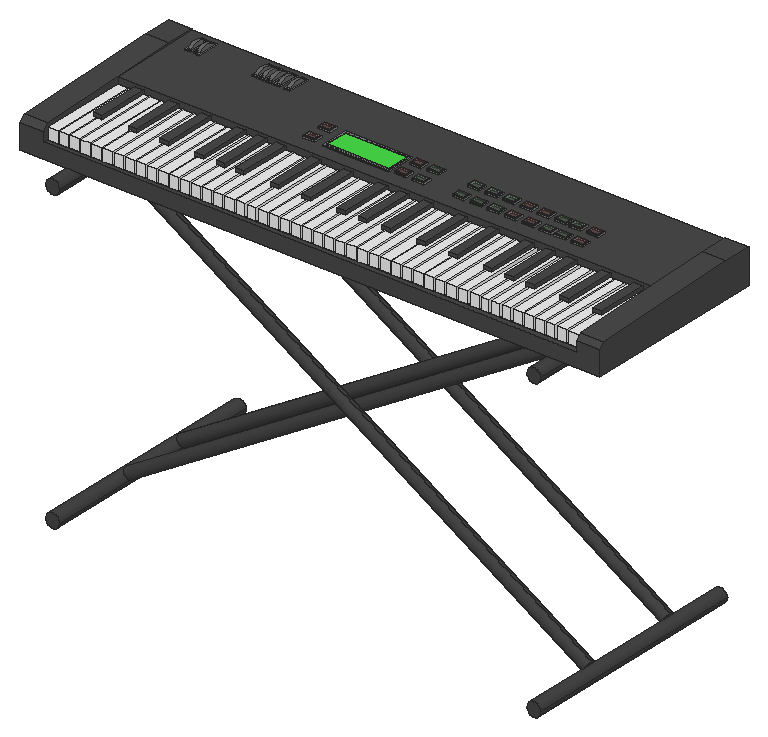
Revit family "Piano_Electric_SMARTBIM", category Furniture, Revit 2020 (continued)
Automatic sketch dimensions
  Extrusion 15 sketch curve to plane 8 = 0' - 8.60785"
  Extrusion 15 sketch curve to Extrusion 15 sketch curve = 0' - 0.80476"
  Extrusion 16 sketch curve to plane 10 = 0' - 0"
  plane 11 to Extrusion 16 sketch curve = 0' - 0.46971"
  Extrusion 16 sketch curve to plane 8 = 0' - 9.56428"
  Extrusion 16 sketch curve to Extrusion 16 sketch curve = 0' - 0.85632"
  Extrusion 17 sketch curve to plane 10 = 0' - 0"
  plane 11 to Extrusion 17 sketch curve = 0' - 0.46971"
  Extrusion 17 sketch curve to plane 8 = 0' - 10.52071"
  Extrusion 17 sketch curve to Extrusion 17 sketch curve = 0' - 0.79723"
  Extrusion 18 sketch curve to plane 10 = 0' - 0"
  plane 11 to Extrusion 18 sketch curve = 0' - 0.46971"
  Extrusion 18 sketch curve to plane 8 = 0' - 11.47714"
  Extrusion 18 sketch curve to Extrusion 18 sketch curve = 0' - 0.79962"
  Extrusion 19 sketch curve to plane 10 = 0' - 0"
  plane 11 to Extrusion 19 sketch curve = 0' - 0.46971"
  Extrusion 19 sketch curve to plane 2 "Center (Left/Right)" = 0' - 10.56643"
  Extrusion 19 sketch curve to Extrusion 19 sketch curve = 0' - 0.7897"
  Extrusion 20 sketch curve to plane 10 = 0' - 0"
  plane 11 to Extrusion 20 sketch curve = 0' - 0.46971"
  Extrusion 20 sketch curve to plane 2 "Center (Left/Right)" = 0' - 9.61001"
  Extrusion 20 sketch curve to Extrusion 20 sketch curve = 0' - 0.71833"
  Extrusion 21 sketch curve to plane 10 = 0' - 0"
  plane 11 to Extrusion 21 sketch curve = 0' - 0.46971"
  Extrusion 21 sketch curve to plane 2 "Center (Left/Right)" = 0' - 8.65358"
  Extrusion 21 sketch curve to Extrusion 21 sketch curve = 0' - 0.78217"
  Extrusion 22 sketch curve to plane 10 = 0' - 0"
  plane 11 to Extrusion 22 sketch curve = 0' - 0.46971"
  Extrusion 22 sketch curve to plane 2 "Center (Left/Right)" = 0' - 7.69715"
  Extrusion 22 sketch curve to Extrusion 22 sketch curve = 0' - 0.79685"
  Extrusion 23 sketch curve to plane 10 = 0' - 0"
  plane 11 to Extrusion 23 sketch curve = 0' - 0.46971"
  Extrusion 23 sketch curve to plane 2 "Center (Left/Right)" = 0' - 6.74072"
  Extrusion 23 sketch curve to Extrusion 23 sketch curve = 0' - 0.76235"
  Extrusion 24 sketch curve to plane 10 = 0' - 0"
  plane 11 to Extrusion 24 sketch curve = 0' - 0.46971"
  Extrusion 24 sketch curve to plane 2 "Center (Left/Right)" = 0' - 5.78429"
  Extrusion 24 sketch curve to Extrusion 24 sketch curve = 0' - 0.74015"
  Extrusion 25 sketch curve to plane 10 = 0' - 0"
  plane 11 to Extrusion 25 sketch curve = 0' - 0.46971"
  Extrusion 25 sketch curve to plane 2 "Center (Left/Right)" = 0' - 4.82787"
  Extrusion 25 sketch curve to Extrusion 25 sketch curve = 0' - 0.7794"
  Extrusion 26 sketch curve to plane 10 = 0' - 0"
  plane 11 to Extrusion 26 sketch curve = 0' - 0.46971"
  Extrusion 26 sketch curve to plane 2 "Center (Left/Right)" = 0' - 3.87144"
  Extrusion 26 sketch curve to Extrusion 26 sketch curve = 0' - 0.81866"
  Extrusion 27 sketch curve to plane 10 = 0' - 0"
  plane 11 to Extrusion 27 sketch curve = 0' - 0.46971"
  Extrusion 27 sketch curve to plane 2 "Center (Left/Right)" = 0' - 2.91501"
  Extrusion 27 sketch curve to Extrusion 27 sketch curve = 0' - 0.74729"
  Extrusion 28 sketch curve to plane 10 = 0' - 0"
  plane 11 to Extrusion 28 sketch curve = 0' - 0.46971"
  Extrusion 28 sketch curve to plane 2 "Center (Left/Right)" = 0' - 1.95858"
  Extrusion 28 sketch curve to Extrusion 28 sketch curve = 0' - 0.76196"
  Extrusion 29 sketch curve to plane 10 = 0' - 0"
  plane 11 to Extrusion 29 sketch curve = 0' - 0.46971"
  Extrusion 29 sketch curve to plane 2 "Center (Left/Right)" = 0' - 1.00215"
  Extrusion 29 sketch curve to plane 2 "Center (Left/Right)" = 0' - 0.2501"
  Extrusion 30 sketch curve to plane 10 = 0' - 0"
  Extrusion 30 sketch curve to plane 2 "Center (Left/Right)" = 0' - 0.04573"
  plane 2 "Center (Left/Right)" to Extrusion 30 sketch curve = 0' - 0.721"
  plane 11 to Extrusion 30 sketch curve = 0' - 0.46971"
  Extrusion 31 sketch curve to plane 10 = 0' - 0"
  plane 2 "Center (Left/Right)" to Extrusion 31 sketch curve = 0' - 0.9107"
  plane 11 to Extrusion 31 sketch curve = 0' - 0.46971"
  Extrusion 31 sketch curve to Extrusion 31 sketch curve = 0' - 0.76911"
  Extrusion 32 sketch curve to plane 10 = 0' - 0"
  plane 11 to Extrusion 32 sketch curve = 0' - 0.46971"
  plane 2 "Center (Left/Right)" to Extrusion 32 sketch curve = 0' - 1.86713"
  Extrusion 32 sketch curve to Extrusion 32 sketch curve = 0' - 0.7469"
  Extrusion 33 sketch curve to plane 10 = 0' - 0"
  plane 11 to Extrusion 33 sketch curve = 0' - 0.46971"
  plane 2 "Center (Left/Right)" to Extrusion 33 sketch curve = 0' - 2.82356"
  Extrusion 33 sketch curve to Extrusion 33 sketch curve = 0' - 0.78616"
  Extrusion 34 sketch curve to plane 10 = 0' - 0"
  plane 11 to Extrusion 34 sketch curve = 0' - 0.46971"
  plane 2 "Center (Left/Right)" to Extrusion 34 sketch curve = 0' - 3.77999"
  Extrusion 34 sketch curve to Extrusion 34 sketch curve = 0' - 0.78854"
  Extrusion 35 sketch curve to plane 10 = 0' - 0"
  plane 11 to Extrusion 35 sketch curve = 0' - 0.46971"
  plane 2 "Center (Left/Right)" to Extrusion 35 sketch curve = 0' - 4.73641"
  Extrusion 35 sketch curve to Extrusion 35 sketch curve = 0' - 0.77863"
  Extrusion 36 sketch curve to plane 10 = 0' - 0"
  plane 11 to Extrusion 36 sketch curve = 0' - 0.46971"
  plane 2 "Center (Left/Right)" to Extrusion 36 sketch curve = 0' - 5.69284"
  Extrusion 36 sketch curve to Extrusion 36 sketch curve = 0' - 0.86706"
  Extrusion 37 sketch curve to plane 10 = 0' - 0"
  plane 11 to Extrusion 37 sketch curve = 0' - 0.46971"
  plane 2 "Center (Left/Right)" to Extrusion 37 sketch curve = 0' - 6.64927"
  Extrusion 37 sketch curve to Extrusion 37 sketch curve = 0' - 0.79568"
  Extrusion 38 sketch curve to plane 10 = 0' - 0"
  plane 11 to Extrusion 38 sketch curve = 0' - 0.46971"
  plane 2 "Center (Left/Right)" to Extrusion 38 sketch curve = 0' - 7.6057"
  Extrusion 38 sketch curve to Extrusion 38 sketch curve = 0' - 0.77348"
  Extrusion 39 sketch curve to plane 10 = 0' - 0"
  plane 11 to Extrusion 39 sketch curve = 0' - 0.46971"
  plane 2 "Center (Left/Right)" to Extrusion 39 sketch curve = 0' - 8.56213"
  Extrusion 39 sketch curve to Extrusion 39 sketch curve = 0' - 0.83732"
  Extrusion 40 sketch curve to plane 10 = 0' - 0"
  plane 11 to Extrusion 40 sketch curve = 0' - 0.46971"
  plane 2 "Center (Left/Right)" to Extrusion 40 sketch curve = 0' - 9.51856"
  Extrusion 40 sketch curve to Extrusion 40 sketch curve = 0' - 0.75366"
  Extrusion 41 sketch curve to plane 10 = 0' - 0"
  plane 11 to Extrusion 41 sketch curve = 0' - 0.46971"
  plane 2 "Center (Left/Right)" to Extrusion 41 sketch curve = 0' - 10.47498"
  Extrusion 41 sketch curve to Extrusion 41 sketch curve = 0' - 0.74375"
  Extrusion 42 sketch curve to plane 10 = 0' - 0"
  plane 11 to Extrusion 42 sketch curve = 0' - 0.46971"
  plane 2 "Center (Left/Right)" to Extrusion 42 sketch curve = 0' - 11.43141"
  Extrusion 42 sketch curve to Extrusion 42 sketch curve = 0' - 0.86905"
  Extrusion 43 sketch curve to plane 10 = 0' - 0"
  plane 11 to Extrusion 43 sketch curve = 0' - 0.46971"
  Extrusion 43 sketch curve to plane 9 = 0' - 10.53974"
  Extrusion 43 sketch curve to Extrusion 43 sketch curve = 0' - 0.72525"
  Extrusion 44 sketch curve to plane 10 = 0' - 0"
  plane 11 to Extrusion 44 sketch curve = 0' - 0.46971"
  Extrusion 44 sketch curve to plane 9 = 0' - 9.49288"
  Extrusion 44 sketch curve to Extrusion 44 sketch curve = 0' - 0.73054"
  Extrusion 45 sketch curve to plane 10 = 0' - 0"
  plane 11 to Extrusion 45 sketch curve = 0' - 0.46971"
  Extrusion 45 sketch curve to plane 9 = 0' - 8.53645"
  Extrusion 45 sketch curve to Extrusion 45 sketch curve = 0' - 0.60786"
  Extrusion 46 sketch curve to plane 10 = 0' - 0"
  plane 11 to Extrusion 46 sketch curve = 0' - 0.46971"
  Extrusion 46 sketch curve to plane 9 = 0' - 7.69343"
  Extrusion 46 sketch curve to Extrusion 46 sketch curve = 0' - 0.70963"
  Extrusion 47 sketch curve to plane 10 = 0' - 0"
  plane 11 to Extrusion 47 sketch curve = 0' - 0.46971"
  Extrusion 47 sketch curve to plane 9 = 0' - 6.78645"
  Extrusion 47 sketch curve to Extrusion 47 sketch curve = 0' - 0.69323"
  Extrusion 48 sketch curve to plane 10 = 0' - 0"
  plane 11 to Extrusion 48 sketch curve = 0' - 0.46971"
  Extrusion 48 sketch curve to plane 9 = 0' - 5.83002"
  Extrusion 48 sketch curve to Extrusion 48 sketch curve = 0' - 0.76875"
  Extrusion 49 sketch curve to plane 10 = 0' - 0"
  plane 11 to Extrusion 49 sketch curve = 0' - 0.46971"
  Extrusion 49 sketch curve to plane 9 = 0' - 4.87359"
  Extrusion 49 sketch curve to Extrusion 49 sketch curve = 0' - 0.78772"
  Extrusion 50 sketch curve to plane 10 = 0' - 0"
  plane 11 to Extrusion 50 sketch curve = 0' - 0.46971"
  Extrusion 50 sketch curve to plane 9 = 0' - 3.91716"
  Extrusion 50 sketch curve to Extrusion 50 sketch curve = 0' - 0.79256"
  Extrusion 51 sketch curve to plane 10 = 0' - 0"
  plane 11 to Extrusion 51 sketch curve = 0' - 0.46971"
  Extrusion 51 sketch curve to plane 9 = 0' - 2.96074"
  Extrusion 51 sketch curve to Extrusion 51 sketch curve = 0' - 0.72672"
  Extrusion 52 sketch curve to plane 10 = 0' - 0"
  plane 11 to Extrusion 52 sketch curve = 0' - 0.46971"
  Extrusion 52 sketch curve to plane 9 = 0' - 2.00431"
  Extrusion 52 sketch curve to Extrusion 52 sketch curve = 0' - 0.75983"
  Extrusion 53 sketch curve to plane 10 = 0' - 0"
  plane 11 to Extrusion 53 sketch curve = 0' - 0.46971"
  Extrusion 53 sketch curve to plane 9 = 0' - 1.04788"
  Extrusion 53 sketch curve to plane 9 = 0' - 0.18425"
  Extrusion 54 sketch curve to plane 10 = 0' - 0"
  Extrusion 54 sketch curve to plane 8 = 0' - 1.51893"
  Extrusion 54 sketch curve to Extrusion 54 sketch curve = 0' - 0 3/4"
  plane 11 to Extrusion 54 sketch curve = 0' - 3 1/2"
  Extrusion 55 sketch curve to plane 10 = 0' - 0"
  Extrusion 55 sketch curve to plane 8 = 0' - 4.51893"
  Extrusion 55 sketch curve to Extrusion 55 sketch curve = 0' - 0 3/4"
  plane 11 to Extrusion 55 sketch curve = 0' - 3 1/2"
  Extrusion 56 sketch curve to plane 10 = 0' - 0"
  plane 11 to Extrusion 56 sketch curve = 0' - 3 1/2"
  Extrusion 56 sketch curve to plane 8 = 0' - 7.26893"
  Extrusion 56 sketch curve to Extrusion 56 sketch curve = 0' - 0 3/4"
  Extrusion 57 sketch curve to plane 10 = 0' - 0"
  plane 11 to Extrusion 57 sketch curve = 0' - 3 1/2"
  Extrusion 57 sketch curve to plane 8 = 0' - 10.26893"
  Extrusion 57 sketch curve to Extrusion 57 sketch curve = 0' - 0 3/4"
  Extrusion 58 sketch curve to plane 10 = 0' - 0"
  plane 11 to Extrusion 58 sketch curve = 0' - 3 1/2"
  Extrusion 58 sketch curve to plane 2 "Center (Left/Right)" = 0' - 10.88697"
  Extrusion 58 sketch curve to Extrusion 58 sketch curve = 0' - 0 3/4"
  Extrusion 59 sketch curve to plane 10 = 0' - 0"
  plane 11 to Extrusion 59 sketch curve = 0' - 3 1/2"
  Extrusion 59 sketch curve to plane 2 "Center (Left/Right)" = 0' - 9.23107"
  Extrusion 59 sketch curve to Extrusion 59 sketch curve = 0' - 0 3/4"
  Extrusion 60 sketch curve to plane 10 = 0' - 0"
  Extrusion 60 sketch curve to plane 2 "Center (Left/Right)" = 0' - 6.23107"
  Extrusion 60 sketch curve to Extrusion 60 sketch curve = 0' - 0 3/4"
  plane 11 to Extrusion 60 sketch curve = 0' - 3 1/2"
  Extrusion 61 sketch curve to plane 10 = 0' - 0"
  Extrusion 61 sketch curve to plane 2 "Center (Left/Right)" = 0' - 3.48107"
  Extrusion 61 sketch curve to Extrusion 61 sketch curve = 0' - 0 3/4"
  plane 11 to Extrusion 61 sketch curve = 0' - 3 1/2"
  Extrusion 62 sketch curve to plane 10 = 0' - 0"
  Extrusion 62 sketch curve to plane 2 "Center (Left/Right)" = 0' - 0.48107"
  plane 2 "Center (Left/Right)" to Extrusion 62 sketch curve = 0' - 0.26893"
  plane 11 to Extrusion 62 sketch curve = 0' - 3 1/2"
  Extrusion 63 sketch curve to plane 10 = 0' - 0"
  plane 2 "Center (Left/Right)" to Extrusion 63 sketch curve = 0' - 1.36303"
  Extrusion 63 sketch curve to Extrusion 63 sketch curve = 0' - 0 3/4"
  plane 11 to Extrusion 63 sketch curve = 0' - 3 1/2"
  Extrusion 64 sketch curve to plane 10 = 0' - 0"
  plane 2 "Center (Left/Right)" to Extrusion 64 sketch curve = 0' - 3.3997"
  Extrusion 64 sketch curve to Extrusion 64 sketch curve = 0' - 0 3/4"
  plane 11 to Extrusion 64 sketch curve = 0' - 3 1/2"
  Extrusion 65 sketch curve to plane 10 = 0' - 0"
  plane 2 "Center (Left/Right)" to Extrusion 65 sketch curve = 0' - 6.3997"
  Extrusion 65 sketch curve to Extrusion 65 sketch curve = 0' - 0 3/4"
  plane 11 to Extrusion 65 sketch curve = 0' - 3 1/2"
  Extrusion 66 sketch curve to plane 10 = 0' - 0"
  plane 11 to Extrusion 66 sketch curve = 0' - 3 1/2"
  plane 2 "Center (Left/Right)" to Extrusion 66 sketch curve = 0' - 9.1497"
  Extrusion 66 sketch curve to Extrusion 66 sketch curve = 0' - 0 3/4"
  Extrusion 67 sketch curve to plane 10 = 0' - 0"
  plane 11 to Extrusion 67 sketch curve = 0' - 3 1/2"
  Extrusion 67 sketch curve to plane 9 = 0' - 10.8503"
  Extrusion 67 sketch curve to Extrusion 67 sketch curve = 0' - 0 3/4"
  Extrusion 68 sketch curve to plane 10 = 0' - 0"
  plane 11 to Extrusion 68 sketch curve = 0' - 3 1/2"
  Extrusion 68 sketch curve to plane 9 = 0' - 9.0062"
  Extrusion 68 sketch curve to Extrusion 68 sketch curve = 0' - 0 3/4"
  Extrusion 69 sketch curve to plane 10 = 0' - 0"
  plane 11 to Extrusion 69 sketch curve = 0' - 3 1/2"
  Extrusion 69 sketch curve to plane 9 = 0' - 7.16928"
  Extrusion 69 sketch curve to Extrusion 69 sketch curve = 0' - 0 3/4"
  Extrusion 70 sketch curve to plane 10 = 0' - 0"
  Extrusion 70 sketch curve to plane 9 = 0' - 4.23178"
  Extrusion 70 sketch curve to Extrusion 70 sketch curve = 0' - 0 3/4"
  plane 11 to Extrusion 70 sketch curve = 0' - 3 1/2"
  Extrusion 71 sketch curve to plane 10 = 0' - 0"
  Extrusion 71 sketch curve to plane 9 = 0' - 1.41928"
  Extrusion 71 sketch curve to plane 9 = 0' - 0.66928"
  plane 11 to Extrusion 71 sketch curve = 0' - 3 1/2"
  Extrusion 72 sketch curve to plane 3 = 0' - 0"
  Extrusion 72 sketch curve to plane 3 = 0' - 0.72734"
  Extrusion 73 sketch curve to plane 3 = 0' - 0"
  Extrusion 73 sketch curve to plane 3 = 0' - 0.72734"
  Extrusion 74 sketch curve to plane 3 = 0' - 0"
  Extrusion 74 sketch curve to plane 3 = 0' - 0.72734"
  Extrusion 75 sketch curve to plane 3 = 0' - 0"
  Extrusion 75 sketch curve to plane 3 = 0' - 0.72734"
  Extrusion 76 sketch curve to plane 3 = 0' - 0"
  Extrusion 76 sketch curve to plane 3 = 0' - 0.72734"
  Extrusion 77 sketch curve to plane 3 = 0' - 0"
  Extrusion 77 sketch curve to plane 3 = 0' - 0.72734"
  Extrusion 78 sketch curve to plane 3 = 0' - 0"
  Extrusion 78 sketch curve to plane 3 = 0' - 0.72734"
  Extrusion 79 sketch curve to plane 8 = 0' - 1.41416"
  Extrusion 79 sketch curve to Extrusion 79 sketch curve = 0' - 0.10477"
  Extrusion 79 sketch curve to Extrusion 79 sketch curve = 0' - 0.30247"
  Extrusion 79 sketch curve to Extrusion 79 sketch curve = 0' - 0.09276"
  Extrusion 80 sketch curve to plane 8 = 0' - 2.16416"
  Extrusion 80 sketch curve to Extrusion 80 sketch curve = 0' - 0.10477"
  Extrusion 80 sketch curve to Extrusion 80 sketch curve = 0' - 0.30247"
  Extrusion 80 sketch curve to Extrusion 80 sketch curve = 0' - 0.09276"
  Extrusion 81 sketch curve to plane 8 = 0' - 7.16416"
  Extrusion 81 sketch curve to Extrusion 81 sketch curve = 0' - 0.10477"
  Extrusion 81 sketch curve to Extrusion 81 sketch curve = 0' - 0.30247"
  Extrusion 81 sketch curve to Extrusion 81 sketch curve = 0' - 0.09276"
  Extrusion 82 sketch curve to plane 8 = 0' - 7.75873"
  Extrusion 82 sketch curve to Extrusion 82 sketch curve = 0' - 0.10477"
  Extrusion 82 sketch curve to Extrusion 82 sketch curve = 0' - 0.30247"
  Extrusion 82 sketch curve to Extrusion 82 sketch curve = 0' - 0.09276"
  Extrusion 83 sketch curve to plane 8 = 0' - 8.38442"
  Extrusion 83 sketch curve to Extrusion 83 sketch curve = 0' - 0.10477"
  Extrusion 83 sketch curve to Extrusion 83 sketch curve = 0' - 0.30247"
  Extrusion 83 sketch curve to Extrusion 83 sketch curve = 0' - 0.09276"
  Extrusion 84 sketch curve to plane 8 = 0' - 9.13442"
  Extrusion 84 sketch curve to Extrusion 84 sketch curve = 0' - 0.10477"
  Extrusion 84 sketch curve to Extrusion 84 sketch curve = 0' - 0.30247"
  Extrusion 84 sketch curve to Extrusion 84 sketch curve = 0' - 0.09276"
  Extrusion 85 sketch curve to plane 8 = 0' - 9.99335"
  Extrusion 85 sketch curve to Extrusion 85 sketch curve = 0' - 0.10477"
  Extrusion 85 sketch curve to Extrusion 85 sketch curve = 0' - 0.30247"
  Extrusion 85 sketch curve to Extrusion 85 sketch curve = 0' - 0.09276"
  plane 10 to Extrusion 86 sketch curve = 0' - 2.72611"
  Extrusion 86 sketch curve to plane 2 "Center (Left/Right)" = 0' - 7.88504"
  Extrusion 86 sketch curve to Extrusion 86 sketch curve = 0' - 0.03354"
  Extrusion 86 sketch curve to Extrusion 86 sketch curve = 0' - 0.94014"
  Extrusion 86 sketch curve to Extrusion 86 sketch curve = 0' - 0.02632"
  Extrusion 86 sketch curve to Extrusion 86 sketch curve = 0' - 0.0394"
  Extrusion 86 sketch curve to Extrusion 86 sketch curve = 0' - 0 87/128"
  Extrusion 86 sketch curve to Extrusion 86 sketch curve = 0' - 0.03091"
  Extrusion 87 sketch curve to plane 2 "Center (Left/Right)" = 0' - 7.85149"
  Extrusion 87 sketch curve to Extrusion 87 sketch curve = 0' - 0.94014"
  Extrusion 87 sketch curve to Extrusion 87 sketch curve = 0' - 0 87/128"
  plane 10 to Extrusion 88 sketch curve = 0' - 1.08534"
  Extrusion 88 sketch curve to plane 2 "Center (Left/Right)" = 0' - 7.88504"
  Extrusion 88 sketch curve to Extrusion 88 sketch curve = 0' - 0.03354"
  Extrusion 88 sketch curve to Extrusion 88 sketch curve = 0' - 0.94014"
  Extrusion 88 sketch curve to Extrusion 88 sketch curve = 0' - 0.02632"
  Extrusion 88 sketch curve to Extrusion 88 sketch curve = 0' - 0.0394"
  Extrusion 88 sketch curve to Extrusion 88 sketch curve = 0' - 0 87/128"
  Extrusion 88 sketch curve to Extrusion 88 sketch curve = 0' - 0.03091"
  plane 10 to Extrusion 89 sketch curve = 0' - 1.80443"
  Extrusion 89 sketch curve to plane 2 "Center (Left/Right)" = 0' - 7.85149"
  Extrusion 89 sketch curve to Extrusion 89 sketch curve = 0' - 0.94014"
  Extrusion 89 sketch curve to Extrusion 89 sketch curve = 0' - 0 87/128"
  Extrusion 90 sketch curve to plane 2 "Center (Left/Right)" = 0' - 0"
  plane 2 "Center (Left/Right)" to Extrusion 90 sketch curve = 0' - 0.03354"
  Extrusion 90 sketch curve to Extrusion 90 sketch curve = 0' - 0.94014"
  Extrusion 90 sketch curve to Extrusion 90 sketch curve = 0' - 0.02632"
  plane 10 to Extrusion 90 sketch curve = 0' - 2.72611"
  Extrusion 90 sketch curve to Extrusion 90 sketch curve = 0' - 0.0394"
  Extrusion 90 sketch curve to Extrusion 90 sketch curve = 0' - 0 87/128"
  Extrusion 90 sketch curve to Extrusion 90 sketch curve = 0' - 0.03091"
  plane 2 "Center (Left/Right)" to Extrusion 91 sketch curve = 0' - 0.03354"
  Extrusion 91 sketch curve to Extrusion 91 sketch curve = 0' - 0.94014"
  plane 10 to Extrusion 91 sketch curve = 0' - 2.76551"
  Extrusion 91 sketch curve to Extrusion 91 sketch curve = 0' - 0 87/128"
  Extrusion 92 sketch curve to plane 2 "Center (Left/Right)" = 0' - 0"
  plane 2 "Center (Left/Right)" to Extrusion 92 sketch curve = 0' - 0.03354"
  Extrusion 92 sketch curve to Extrusion 92 sketch curve = 0' - 0.94014"
  Extrusion 92 sketch curve to Extrusion 92 sketch curve = 0' - 0.02632"
  plane 10 to Extrusion 92 sketch curve = 0' - 1.08534"
  Extrusion 92 sketch curve to Extrusion 92 sketch curve = 0' - 0.0394"
  Extrusion 92 sketch curve to Extrusion 92 sketch curve = 0' - 0 87/128"
  Extrusion 92 sketch curve to Extrusion 92 sketch curve = 0' - 0.03091"
  plane 2 "Center (Left/Right)" to Extrusion 93 sketch curve = 0' - 0.03354"
  Extrusion 93 sketch curve to Extrusion 93 sketch curve = 0' - 0.94014"
  plane 10 to Extrusion 93 sketch curve = 0' - 1.12474"
  Extrusion 93 sketch curve to Extrusion 93 sketch curve = 0' - 0 87/128"
  plane 2 "Center (Left/Right)" to Extrusion 94 sketch curve = 0' - 1 1/2"
  Extrusion 94 sketch curve to Extrusion 94 sketch curve = 0' - 0.03354"
  Extrusion 94 sketch curve to Extrusion 94 sketch curve = 0' - 0.94014"
  Extrusion 94 sketch curve to Extrusion 94 sketch curve = 0' - 0.02632"
  plane 10 to Extrusion 94 sketch curve = 0' - 2.72611"
  Extrusion 94 sketch curve to Extrusion 94 sketch curve = 0' - 0.0394"
  Extrusion 94 sketch curve to Extrusion 94 sketch curve = 0' - 0 87/128"
  Extrusion 94 sketch curve to Extrusion 94 sketch curve = 0' - 0.03091"
  plane 2 "Center (Left/Right)" to Extrusion 95 sketch curve = 0' - 1.53354"
  Extrusion 95 sketch curve to Extrusion 95 sketch curve = 0' - 0.94014"
  plane 10 to Extrusion 95 sketch curve = 0' - 2.76551"
  Extrusion 95 sketch curve to Extrusion 95 sketch curve = 0' - 0 87/128"
  plane 2 "Center (Left/Right)" to Extrusion 96 sketch curve = 0' - 1 1/2"
  Extrusion 96 sketch curve to Extrusion 96 sketch curve = 0' - 0.03354"
  Extrusion 96 sketch curve to Extrusion 96 sketch curve = 0' - 0.94014"
  Extrusion 96 sketch curve to Extrusion 96 sketch curve = 0' - 0.02632"
  plane 10 to Extrusion 96 sketch curve = 0' - 1.08534"
  Extrusion 96 sketch curve to Extrusion 96 sketch curve = 0' - 0.0394"
  Extrusion 96 sketch curve to Extrusion 96 sketch curve = 0' - 0 87/128"
  Extrusion 96 sketch curve to Extrusion 96 sketch curve = 0' - 0.03091"
  plane 2 "Center (Left/Right)" to Extrusion 97 sketch curve = 0' - 1.53354"
  Extrusion 97 sketch curve to Extrusion 97 sketch curve = 0' - 0.94014"
  plane 10 to Extrusion 97 sketch curve = 0' - 1.12474"
  Extrusion 97 sketch curve to Extrusion 97 sketch curve = 0' - 0 87/128"
  plane 2 "Center (Left/Right)" to Extrusion 98 sketch curve = 0' - 5"
  Extrusion 98 sketch curve to Extrusion 98 sketch curve = 0' - 0.03354"
  Extrusion 98 sketch curve to Extrusion 98 sketch curve = 0' - 0.94014"
  Extrusion 98 sketch curve to Extrusion 98 sketch curve = 0' - 0.02632"
  plane 10 to Extrusion 98 sketch curve = 0' - 2.72611"
  Extrusion 98 sketch curve to Extrusion 98 sketch curve = 0' - 0.0394"
  Extrusion 98 sketch curve to Extrusion 98 sketch curve = 0' - 0 87/128"
  Extrusion 98 sketch curve to Extrusion 98 sketch curve = 0' - 0.03091"
  plane 2 "Center (Left/Right)" to Extrusion 99 sketch curve = 0' - 5.03354"
  Extrusion 99 sketch curve to Extrusion 99 sketch curve = 0' - 0.94014"
  Extrusion 99 sketch curve to Extrusion 99 sketch curve = 0' - 0 87/128"
  plane 10 to Extrusion 100 sketch curve = 0' - 1.08534"
  plane 2 "Center (Left/Right)" to Extrusion 100 sketch curve = 0' - 5"
  Extrusion 100 sketch curve to Extrusion 100 sketch curve = 0' - 0.03354"
  Extrusion 100 sketch curve to Extrusion 100 sketch curve = 0' - 0.94014"
  Extrusion 100 sketch curve to Extrusion 100 sketch curve = 0' - 0.02632"
  Extrusion 100 sketch curve to Extrusion 100 sketch curve = 0' - 0.0394"
  Extrusion 100 sketch curve to Extrusion 100 sketch curve = 0' - 0 87/128"
  Extrusion 100 sketch curve to Extrusion 100 sketch curve = 0' - 0.03091"
  plane 10 to Extrusion 101 sketch curve = 0' - 1.80443"
  plane 2 "Center (Left/Right)" to Extrusion 101 sketch curve = 0' - 5.03354"
  Extrusion 101 sketch curve to Extrusion 101 sketch curve = 0' - 0.94014"
  Extrusion 101 sketch curve to Extrusion 101 sketch curve = 0' - 0 87/128"
  plane 10 to Extrusion 102 sketch curve = 0' - 2.72611"
  plane 2 "Center (Left/Right)" to Extrusion 102 sketch curve = 0' - 6 1/2"
  Extrusion 102 sketch curve to Extrusion 102 sketch curve = 0' - 0.03354"
  Extrusion 102 sketch curve to Extrusion 102 sketch curve = 0' - 0.94014"
  Extrusion 102 sketch curve to Extrusion 102 sketch curve = 0' - 0.02632"
  Extrusion 102 sketch curve to Extrusion 102 sketch curve = 0' - 0.0394"
  Extrusion 102 sketch curve to Extrusion 102 sketch curve = 0' - 0 87/128"
  Extrusion 102 sketch curve to Extrusion 102 sketch curve = 0' - 0.03091"
  plane 2 "Center (Left/Right)" to Extrusion 103 sketch curve = 0' - 6.53354"
  Extrusion 103 sketch curve to Extrusion 103 sketch curve = 0' - 0.94014"
  Extrusion 103 sketch curve to Extrusion 103 sketch curve = 0' - 0 87/128"
  plane 10 to Extrusion 104 sketch curve = 0' - 1.08534"
  plane 2 "Center (Left/Right)" to Extrusion 104 sketch curve = 0' - 6 1/2"
  Extrusion 104 sketch curve to Extrusion 104 sketch curve = 0' - 0.03354"
  Extrusion 104 sketch curve to Extrusion 104 sketch curve = 0' - 0.94014"
  Extrusion 104 sketch curve to Extrusion 104 sketch curve = 0' - 0.02632"
  Extrusion 104 sketch curve to Extrusion 104 sketch curve = 0' - 0.0394"
  Extrusion 104 sketch curve to Extrusion 104 sketch curve = 0' - 0 87/128"
  Extrusion 104 sketch curve to Extrusion 104 sketch curve = 0' - 0.03091"
  plane 10 to Extrusion 105 sketch curve = 0' - 1.80443"
  plane 2 "Center (Left/Right)" to Extrusion 105 sketch curve = 0' - 6.53354"
  Extrusion 105 sketch curve to Extrusion 105 sketch curve = 0' - 0.94014"
  Extrusion 105 sketch curve to Extrusion 105 sketch curve = 0' - 0 87/128"
  plane 10 to Extrusion 106 sketch curve = 0' - 2.72611"
  plane 2 "Center (Left/Right)" to Extrusion 106 sketch curve = 0' - 8"
  Extrusion 106 sketch curve to Extrusion 106 sketch curve = 0' - 0.03354"
  Extrusion 106 sketch curve to Extrusion 106 sketch curve = 0' - 0.94014"
  Extrusion 106 sketch curve to Extrusion 106 sketch curve = 0' - 0.02632"
  Extrusion 106 sketch curve to Extrusion 106 sketch curve = 0' - 0.0394"
  Extrusion 106 sketch curve to Extrusion 106 sketch curve = 0' - 0 87/128"
  Extrusion 106 sketch curve to Extrusion 106 sketch curve = 0' - 0.03091"
  plane 2 "Center (Left/Right)" to Extrusion 107 sketch curve = 0' - 8.03354"
  Extrusion 107 sketch curve to Extrusion 107 sketch curve = 0' - 0.94014"
  Extrusion 107 sketch curve to Extrusion 107 sketch curve = 0' - 0 87/128"
  plane 10 to Extrusion 108 sketch curve = 0' - 1.08534"
  plane 2 "Center (Left/Right)" to Extrusion 108 sketch curve = 0' - 8"
  Extrusion 108 sketch curve to Extrusion 108 sketch curve = 0' - 0.03354"
  Extrusion 108 sketch curve to Extrusion 108 sketch curve = 0' - 0.94014"
  Extrusion 108 sketch curve to Extrusion 108 sketch curve = 0' - 0.02632"
  Extrusion 108 sketch curve to Extrusion 108 sketch curve = 0' - 0.0394"
  Extrusion 108 sketch curve to Extrusion 108 sketch curve = 0' - 0 87/128"
  Extrusion 108 sketch curve to Extrusion 108 sketch curve = 0' - 0.03091"
  plane 10 to Extrusion 109 sketch curve = 0' - 1.80443"
  plane 2 "Center (Left/Right)" to Extrusion 109 sketch curve = 0' - 8.03354"
  Extrusion 109 sketch curve to Extrusion 109 sketch curve = 0' - 0.94014"
  Extrusion 109 sketch curve to Extrusion 109 sketch curve = 0' - 0 87/128"
  plane 10 to Extrusion 110 sketch curve = 0' - 2.72611"
  plane 2 "Center (Left/Right)" to Extrusion 110 sketch curve = 0' - 9 1/2"
  Extrusion 110 sketch curve to Extrusion 110 sketch curve = 0' - 0.03354"
  Extrusion 110 sketch curve to Extrusion 110 sketch curve = 0' - 0.94014"
  Extrusion 110 sketch curve to Extrusion 110 sketch curve = 0' - 0.02632"
  Extrusion 110 sketch curve to Extrusion 110 sketch curve = 0' - 0.0394"
  Extrusion 110 sketch curve to Extrusion 110 sketch curve = 0' - 0 87/128"
  Extrusion 110 sketch curve to Extrusion 110 sketch curve = 0' - 0.03091"
  plane 2 "Center (Left/Right)" to Extrusion 111 sketch curve = 0' - 9.53354"
  Extrusion 111 sketch curve to Extrusion 111 sketch curve = 0' - 0.94014"
  Extrusion 111 sketch curve to Extrusion 111 sketch curve = 0' - 0 87/128"
  plane 10 to Extrusion 112 sketch curve = 0' - 1.08534"
  plane 2 "Center (Left/Right)" to Extrusion 112 sketch curve = 0' - 9 1/2"
  Extrusion 112 sketch curve to Extrusion 112 sketch curve = 0' - 0.03354"
  Extrusion 112 sketch curve to Extrusion 112 sketch curve = 0' - 0.94014"
  Extrusion 112 sketch curve to Extrusion 112 sketch curve = 0' - 0.02632"
  Extrusion 112 sketch curve to Extrusion 112 sketch curve = 0' - 0.0394"
  Extrusion 112 sketch curve to Extrusion 112 sketch curve = 0' - 0 87/128"
  Extrusion 112 sketch curve to Extrusion 112 sketch curve = 0' - 0.03091"
  plane 10 to Extrusion 113 sketch curve = 0' - 1.80443"
  plane 2 "Center (Left/Right)" to Extrusion 113 sketch curve = 0' - 9.53354"
  Extrusion 113 sketch curve to Extrusion 113 sketch curve = 0' - 0.94014"
  Extrusion 113 sketch curve to Extrusion 113 sketch curve = 0' - 0 87/128"
  plane 10 to Extrusion 114 sketch curve = 0' - 2.72611"
  plane 2 "Center (Left/Right)" to Extrusion 114 sketch curve = 0' - 11"
  Extrusion 114 sketch curve to Extrusion 114 sketch curve = 0' - 0.03354"
  Extrusion 114 sketch curve to Extrusion 114 sketch curve = 0' - 0.94014"
  Extrusion 114 sketch curve to Extrusion 114 sketch curve = 0' - 0.02632"
  Extrusion 114 sketch curve to Extrusion 114 sketch curve = 0' - 0.0394"
  Extrusion 114 sketch curve to Extrusion 114 sketch curve = 0' - 0 87/128"
  Extrusion 114 sketch curve to Extrusion 114 sketch curve = 0' - 0.03091"
  plane 2 "Center (Left/Right)" to Extrusion 115 sketch curve = 0' - 11.03354"
  Extrusion 115 sketch curve to Extrusion 115 sketch curve = 0' - 0.94014"
  Extrusion 115 sketch curve to Extrusion 115 sketch curve = 0' - 0 87/128"
  plane 10 to Extrusion 116 sketch curve = 0' - 1.08534"
  plane 2 "Center (Left/Right)" to Extrusion 116 sketch curve = 0' - 11"
  Extrusion 116 sketch curve to Extrusion 116 sketch curve = 0' - 0.03354"
  Extrusion 116 sketch curve to Extrusion 116 sketch curve = 0' - 0.94014"
  Extrusion 116 sketch curve to Extrusion 116 sketch curve = 0' - 0.02632"
  Extrusion 116 sketch curve to Extrusion 116 sketch curve = 0' - 0.0394"
  Extrusion 116 sketch curve to Extrusion 116 sketch curve = 0' - 0 87/128"
  Extrusion 116 sketch curve to Extrusion 116 sketch curve = 0' - 0.03091"
  plane 10 to Extrusion 117 sketch curve = 0' - 1.80443"
  plane 2 "Center (Left/Right)" to Extrusion 117 sketch curve = 0' - 11.03354"
  Extrusion 117 sketch curve to Extrusion 117 sketch curve = 0' - 0.94014"
  Extrusion 117 sketch curve to Extrusion 117 sketch curve = 0' - 0 87/128"
  plane 10 to Extrusion 118 sketch curve = 0' - 2.72611"
  Extrusion 118 sketch curve to plane 9 = 0' - 10 1/2"
  Extrusion 118 sketch curve to Extrusion 118 sketch curve = 0' - 0.03354"
  Extrusion 118 sketch curve to Extrusion 118 sketch curve = 0' - 0.94014"
  Extrusion 118 sketch curve to Extrusion 118 sketch curve = 0' - 0.02632"
  Extrusion 118 sketch curve to Extrusion 118 sketch curve = 0' - 0.0394"
  Extrusion 118 sketch curve to Extrusion 118 sketch curve = 0' - 0 87/128"
  Extrusion 118 sketch curve to Extrusion 118 sketch curve = 0' - 0.03091"
  Extrusion 119 sketch curve to plane 9 = 0' - 10.46646"
  Extrusion 119 sketch curve to Extrusion 119 sketch curve = 0' - 0.94014"
  Extrusion 119 sketch curve to Extrusion 119 sketch curve = 0' - 0 87/128"
  plane 10 to Extrusion 120 sketch curve = 0' - 1.08534"
  Extrusion 120 sketch curve to plane 9 = 0' - 10 1/2"
  Extrusion 120 sketch curve to Extrusion 120 sketch curve = 0' - 0.03354"
  Extrusion 120 sketch curve to Extrusion 120 sketch curve = 0' - 0.94014"
  Extrusion 120 sketch curve to Extrusion 120 sketch curve = 0' - 0.02632"
  Extrusion 120 sketch curve to Extrusion 120 sketch curve = 0' - 0.0394"
  Extrusion 120 sketch curve to Extrusion 120 sketch curve = 0' - 0 87/128"
  Extrusion 120 sketch curve to Extrusion 120 sketch curve = 0' - 0.03091"
  plane 10 to Extrusion 121 sketch curve = 0' - 1.80443"
  Extrusion 121 sketch curve to plane 9 = 0' - 10.46646"
  Extrusion 121 sketch curve to Extrusion 121 sketch curve = 0' - 0.94014"
  Extrusion 121 sketch curve to Extrusion 121 sketch curve = 0' - 0 87/128"
  plane 10 to Extrusion 122 sketch curve = 0' - 2.72611"
  Extrusion 122 sketch curve to plane 9 = 0' - 9 1/4"
  Extrusion 122 sketch curve to Extrusion 122 sketch curve = 0' - 0.03354"
  Extrusion 122 sketch curve to Extrusion 122 sketch curve = 0' - 0.94014"
  Extrusion 122 sketch curve to Extrusion 122 sketch curve = 0' - 0.02632"
  Extrusion 122 sketch curve to Extrusion 122 sketch curve = 0' - 0.0394"
  Extrusion 122 sketch curve to Extrusion 122 sketch curve = 0' - 0 87/128"
  Extrusion 122 sketch curve to Extrusion 122 sketch curve = 0' - 0.03091"
  Extrusion 123 sketch curve to plane 9 = 0' - 9.21646"
  Extrusion 123 sketch curve to Extrusion 123 sketch curve = 0' - 0.94014"
  Extrusion 123 sketch curve to Extrusion 123 sketch curve = 0' - 0 87/128"
  plane 10 to Extrusion 124 sketch curve = 0' - 1.08534"
  Extrusion 124 sketch curve to plane 9 = 0' - 9 1/4"
  Extrusion 124 sketch curve to Extrusion 124 sketch curve = 0' - 0.03354"
  Extrusion 124 sketch curve to Extrusion 124 sketch curve = 0' - 0.94014"
  Extrusion 124 sketch curve to Extrusion 124 sketch curve = 0' - 0.02632"
  Extrusion 124 sketch curve to Extrusion 124 sketch curve = 0' - 0.0394"
  Extrusion 124 sketch curve to Extrusion 124 sketch curve = 0' - 0 87/128"
  Extrusion 124 sketch curve to Extrusion 124 sketch curve = 0' - 0.03091"
  plane 10 to Extrusion 125 sketch curve = 0' - 1.80443"
  Extrusion 125 sketch curve to plane 9 = 0' - 9.21646"
  Extrusion 125 sketch curve to Extrusion 125 sketch curve = 0' - 0.94014"
  Extrusion 125 sketch curve to Extrusion 125 sketch curve = 0' - 0 87/128"
  plane 10 to Extrusion 126 sketch curve = 0' - 2.72611"
  Extrusion 126 sketch curve to plane 9 = 0' - 7 3/4"
  Extrusion 126 sketch curve to Extrusion 126 sketch curve = 0' - 0.03354"
  Extrusion 126 sketch curve to Extrusion 126 sketch curve = 0' - 0.94014"
  Extrusion 126 sketch curve to Extrusion 126 sketch curve = 0' - 0.02632"
  Extrusion 126 sketch curve to Extrusion 126 sketch curve = 0' - 0.0394"
  Extrusion 126 sketch curve to Extrusion 126 sketch curve = 0' - 0 87/128"
  Extrusion 126 sketch curve to Extrusion 126 sketch curve = 0' - 0.03091"
  Extrusion 127 sketch curve to plane 9 = 0' - 7.71646"
  Extrusion 127 sketch curve to Extrusion 127 sketch curve = 0' - 0.94014"
  Extrusion 127 sketch curve to Extrusion 127 sketch curve = 0' - 0 87/128"
  plane 10 to Extrusion 128 sketch curve = 0' - 1.08534"
  Extrusion 128 sketch curve to plane 9 = 0' - 7 3/4"
  Extrusion 128 sketch curve to Extrusion 128 sketch curve = 0' - 0.03354"
  Extrusion 128 sketch curve to Extrusion 128 sketch curve = 0' - 0.94014"
  Extrusion 128 sketch curve to Extrusion 128 sketch curve = 0' - 0.02632"
  Extrusion 128 sketch curve to Extrusion 128 sketch curve = 0' - 0.0394"
  Extrusion 128 sketch curve to Extrusion 128 sketch curve = 0' - 0 87/128"
  Extrusion 128 sketch curve to Extrusion 128 sketch curve = 0' - 0.03091"
  plane 10 to Extrusion 129 sketch curve = 0' - 1.80443"
  Extrusion 129 sketch curve to plane 9 = 0' - 7.71646"
  Extrusion 129 sketch curve to Extrusion 129 sketch curve = 0' - 0.94014"
  Extrusion 129 sketch curve to Extrusion 129 sketch curve = 0' - 0 87/128"
  plane 10 to Extrusion 130 sketch curve = 0' - 0.96299"
  Extrusion 130 sketch curve to plane 2 "Center (Left/Right)" = 0' - 6.11625"
  Extrusion 130 sketch curve to Extrusion 130 sketch curve = 0' - 0.15703"
  Extrusion 130 sketch curve to plane 2 "Center (Left/Right)" = 0' - 0.56634"
  Extrusion 130 sketch curve to Extrusion 130 sketch curve = 0' - 0.20009"
  Extrusion 130 sketch curve to Extrusion 130 sketch curve = 0' - 0.24191"
  Extrusion 130 sketch curve to Extrusion 130 sketch curve = 0' - 2 1/16"
  Extrusion 130 sketch curve to Extrusion 130 sketch curve = 0' - 0.19559"
  Extrusion 131 sketch curve to plane 2 "Center (Left/Right)" = 0' - 5.95922"
  Extrusion 131 sketch curve to plane 2 "Center (Left/Right)" = 0' - 0.56634"
  plane 10 to Extrusion 131 sketch curve = 0' - 1.20491"
  plane 10 to curve 1 = 0' - 2.45572"
  curve 1 to plane 2 "Center (Left/Right)" = 0' - 5.70922"
  curve 1 to curve 3 = 0' - 0.09581"
  curve 3 to curve 4 = 0' - 0.14073"
  curve 4 to curve 6 = 0' - 0.12591"
  curve 6 to curve 7 = 0' - 0.17035"
  curve 7 to curve 9 = 0' - 0.13332"
  curve 8 to curve 10 = 0' - 0.16295"
  curve 10 to curve 11 = 0' - 0.14813"
  curve 11 to curve 20 = 0' - 0.16295"
  curve 19 to curve 19 = 0' - 0.13332"
  curve 18 to curve 16 = 0' - 0.17035"
  curve 16 to curve 15 = 0' - 0.12591"
  curve 15 to curve 14 = 0' - 0.14073"
  curve 13 to curve 39 = 0' - 0.09581"
  curve 39 to curve 40 = 0' - 0.12084"
  curve 40 to curve 42 = 0' - 0.10496"
  curve 13 to curve 33 = 0' - 0.33029"
  curve 33 to curve 34 = 0' - 0.12591"
  curve 35 to curve 36 = 0' - 0.17035"
  curve 36 to curve 38 = 0' - 0.13332"
  curve 37 to curve 31 = 0' - 0.16295"
  curve 31 to curve 30 = 0' - 0.14813"
  curve 30 to curve 29 = 0' - 0.16295"
  curve 28 to curve 28 = 0' - 0.13332"
  curve 27 to curve 26 = 0' - 0.17035"
  curve 25 to curve 24 = 0' - 0.12591"
  curve 24 to curve 23 = 0' - 0.14073"
  curve 22 to curve 21 = 0' - 0.09581"
  curve 21 to curve 43 = 0' - 0.5116"
  curve 21 to curve 52 = 0' - 0.5116"
  curve 49 to curve 51 = 0' - 0"
  curve 48 to curve 49 = 0' - 0.66608"
  curve 46 to curve 47 = 0' - 0"
  curve 51 to curve 49 = 0' - 0"
  plane 10 to curve 47 = 0' - 2.32865"
  curve 48 to curve 47 = 0' - 0.37222"
  plane 10 to curve 42 = 0' - 1.81316"
  curve 54 to curve 49 = 0' - 0.43099"
  curve 54 to curve 51 = 0' - 0.22529"
  curve 17 to curve 40 = 0' - 0.60744"
  curve 21 to curve 52 = 0' - 0.09442"
  curve 23 to curve 21 = 0' - 0"
  curve 24 to curve 23 = 0' - 0"
  curve 12 to curve 17 = 0' - 0"
  curve 26 to curve 24 = 0' - 0"
  curve 27 to curve 26 = 0' - 0"
  curve 14 to curve 17 = 0' - 0"
  curve 29 to curve 27 = 0' - 0"
  curve 10 to curve 12 = 0' - 0"
  curve 9 to curve 10 = 0' - 0"
  curve 30 to curve 29 = 0' - 0"
  curve 32 to curve 30 = 0' - 0"
  curve 33 to curve 14 = 0' - 0"
  curve 35 to curve 33 = 0' - 0"
  curve 7 to curve 9 = 0' - 0"
  curve 6 to curve 7 = 0' - 0"
  curve 36 to curve 35 = 0' - 0"
  curve 38 to curve 36 = 0' - 0"
  curve 39 to curve 14 = 0' - 0"
  curve 40 to curve 39 = 0' - 0"
  curve 4 to curve 6 = 0' - 0"
  curve 3 to curve 4 = 0' - 0"
  curve 42 to curve 33 = 0' - 0"
  curve 15 to curve 17 = 0' - 0"
  curve 20 to curve 12 = 0' - 0"
  curve 18 to curve 20 = 0' - 0"
  curve 1 to curve 3 = 0' - 0"
  curve 40 to curve 39 = 0' - 0.64256"
  curve 47 to curve 22 = 0' - 0.12707"
  curve 47 to curve 44 = 0' - 0.23509"
  curve 13 to curve 15 = 0' - 0 1/4"
  curve 13 to curve 33 = 0' - 0 1/4"
  curve 22 to curve 26 = 0' - 0 1/4"
  curve 2 to curve 6 = 0' - 0 1/4"
  curve 45 to curve 43 = 0' - 0.4114"
  curve 34 to curve 37 = 0' - 0 13/32"
  curve 5 to curve 7 = 0' - 0 13/32"
  curve 16 to curve 18 = 0' - 0 13/32"
  curve 25 to curve 28 = 0' - 0 13/32"
  curve 19 to curve 11 = 0' - 0 3/32"
  curve 28 to curve 31 = 0' - 0 3/32"
  Extrusion 132 sketch curve to plane 4 = 0' - 0.59924"
  Extrusion 132 sketch curve to plane 8 = 0' - 2.24164"
  Extrusion 133 sketch curve to plane 4 = 0' - 0.59924"
  Extrusion 133 sketch curve to plane 9 = 0' - 2.24164"
  level to Extrusion 134 sketch curve = 0' - 0.6"
  Extrusion 134 sketch curve to plane 8 = 0' - 2.24164"
  level to Extrusion 135 sketch curve = 0' - 0.6"
  Extrusion 135 sketch curve to plane 9 = 0' - 2.24164"
  Sweep 136 sketch curve to plane 4 = 0' - 1.01552"
  Sweep 136 sketch curve to plane 8 = 0' - 2.67375"
  level to Sweep 136 sketch curve = 0' - 0.91537"
  Sweep 136 sketch curve to plane 9 = 0' - 2.75207"
  Sweep 136 sketch curve to profile plane = 0' - 0"  (x2)
  Sweep 137 sketch curve to plane 4 = 0' - 1.01552"
  Sweep 137 sketch curve to plane 8 = 0' - 2.67375"
  level to Sweep 137 sketch curve = 0' - 0.91537"
  Sweep 137 sketch curve to plane 9 = 0' - 2.75207"
  Sweep 137 sketch curve to profile plane = 0' - 0"  (x2)
  level to Sweep 138 sketch curve = 0' - 1.04395"
  Sweep 138 sketch curve to plane 8 = 0' - 2.64526"
  Sweep 138 sketch curve to plane 4 = 0' - 0.91421"
  Sweep 138 sketch curve to plane 9 = 0' - 2.75232"
  Sweep 138 sketch curve to profile plane = 0' - 0"  (x2)
  level to Sweep 139 sketch curve = 0' - 1.04395"
  Sweep 139 sketch curve to plane 8 = 0' - 2.64526"
  Sweep 139 sketch curve to plane 4 = 0' - 0.91421"
  Sweep 139 sketch curve to plane 9 = 0' - 2.75232"
  Sweep 139 sketch curve to profile plane = 0' - 0"  (x2)
  Extrusion 72 sketch curve to Extrusion 72 sketch curve = 0' - 0.81227"
  Extrusion 73 sketch curve to Extrusion 73 sketch curve = 0' - 0.81227"
  Extrusion 74 sketch curve to Extrusion 74 sketch curve = 0' - 0.81227"
  Extrusion 75 sketch curve to Extrusion 75 sketch curve = 0' - 0.81227"
  Extrusion 76 sketch curve to Extrusion 76 sketch curve = 0' - 0.81227"
  Extrusion 77 sketch curve to Extrusion 77 sketch curve = 0' - 0.81227"
  Extrusion 78 sketch curve to Extrusion 78 sketch curve = 0' - 0.81227"
  Extrusion 79 sketch curve to Extrusion 79 sketch curve = 0' - 0.15837"
  Extrusion 80 sketch curve to Extrusion 80 sketch curve = 0' - 0.15837"
  Extrusion 81 sketch curve to Extrusion 81 sketch curve = 0' - 0.15837"
  Extrusion 82 sketch curve to Extrusion 82 sketch curve = 0' - 0.15837"
  Extrusion 83 sketch curve to Extrusion 83 sketch curve = 0' - 0.15837"
  Extrusion 84 sketch curve to Extrusion 84 sketch curve = 0' - 0.15837"
  Extrusion 85 sketch curve to Extrusion 85 sketch curve = 0' - 0.15837"
  plane 10 to Extrusion 87 sketch curve = 0' - 2.76551"
  plane 10 to Extrusion 99 sketch curve = 0' - 2.76551"
  plane 10 to Extrusion 103 sketch curve = 0' - 2.76551"
  plane 10 to Extrusion 107 sketch curve = 0' - 2.76551"
  plane 10 to Extrusion 111 sketch curve = 0' - 2.76551"
  plane 10 to Extrusion 115 sketch curve = 0' - 2.76551"
  plane 10 to Extrusion 119 sketch curve = 0' - 2.76551"
  plane 10 to Extrusion 123 sketch curve = 0' - 2.76551"
  plane 10 to Extrusion 127 sketch curve = 0' - 2.76551"
  Extrusion 131 sketch curve to Extrusion 131 sketch curve = 0' - 2 1/16"
  Extrusion 1 sketch curve to Extrusion 1 sketch curve = 0' - 2.45663"
  Extrusion 4 sketch curve to Extrusion 4 sketch curve = 0' - 2.45663"
  Extrusion 72 sketch curve to plane 7 = 0' - 2.37453"
  Extrusion 73 sketch curve to plane 7 = 0' - 2.37453"
  Extrusion 74 sketch curve to plane 7 = 0' - 2.37453"
  Extrusion 75 sketch curve to plane 7 = 0' - 2.37453"
  Extrusion 76 sketch curve to plane 7 = 0' - 2.37453"
  Extrusion 77 sketch curve to plane 7 = 0' - 2.37453"
  Extrusion 78 sketch curve to plane 7 = 0' - 2.37453"
  Extrusion 79 sketch curve to plane 7 = 0' - 2.53291"
  Extrusion 79 sketch curve to plane 7 = 0' - 0 3/4"
  Extrusion 79 sketch curve to Extrusion 79 sketch curve = 0' - 0.09098"
  Extrusion 80 sketch curve to plane 7 = 0' - 2.53291"
  Extrusion 80 sketch curve to plane 7 = 0' - 0 3/4"
  Extrusion 80 sketch curve to Extrusion 80 sketch curve = 0' - 0.09098"
  Extrusion 81 sketch curve to plane 7 = 0' - 2.53291"
  Extrusion 81 sketch curve to plane 7 = 0' - 0 3/4"
  Extrusion 81 sketch curve to Extrusion 81 sketch curve = 0' - 0.09098"
  Extrusion 82 sketch curve to plane 7 = 0' - 2.53291"
  Extrusion 82 sketch curve to plane 7 = 0' - 0 3/4"
  Extrusion 82 sketch curve to Extrusion 82 sketch curve = 0' - 0.09098"
  Extrusion 83 sketch curve to plane 7 = 0' - 2.53291"
  Extrusion 83 sketch curve to plane 7 = 0' - 0 3/4"
  Extrusion 83 sketch curve to Extrusion 83 sketch curve = 0' - 0.09098"
  Extrusion 84 sketch curve to plane 7 = 0' - 2.53291"
  Extrusion 84 sketch curve to plane 7 = 0' - 0 3/4"
  Extrusion 84 sketch curve to Extrusion 84 sketch curve = 0' - 0.09098"
  Extrusion 85 sketch curve to plane 7 = 0' - 2.53291"
  Extrusion 85 sketch curve to plane 7 = 0' - 0 3/4"
  Extrusion 85 sketch curve to Extrusion 85 sketch curve = 0' - 0.09098"
  radius of Extrusion 132 sketch curve = 0' - 0.6"
  radius of Extrusion 133 sketch curve = 0' - 0.6"
  radius of Extrusion 134 sketch curve = 0' - 0.6"
  radius of Extrusion 135 sketch curve = 0' - 0.6"
  radius of Sweep 136 sketch curve = 0' - 0 1/2"
  radius of Sweep 137 sketch curve = 0' - 0 1/2"
  radius of Sweep 138 sketch curve = 0' - 0 1/2"
  radius of Sweep 139 sketch curve = 0' - 0 1/2"
